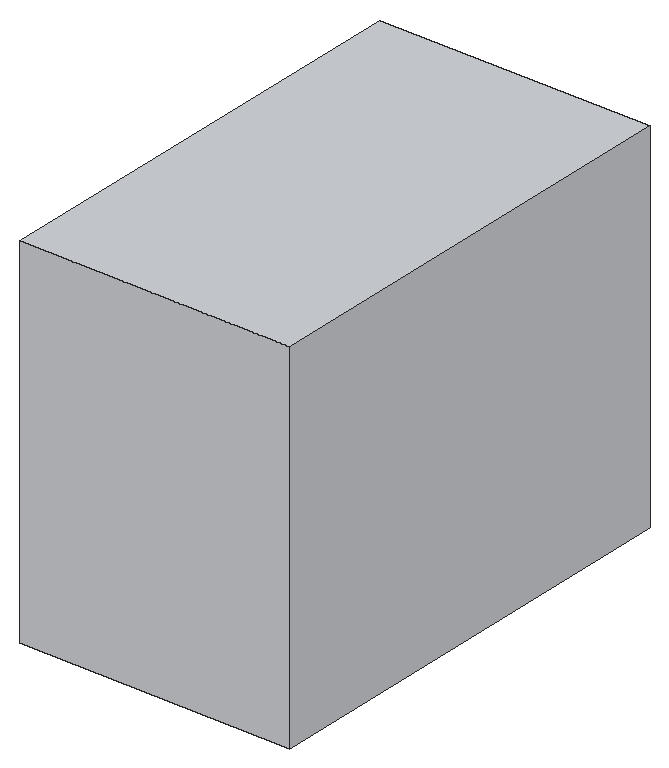
Revit family "XXX_RLT-Gerät_Jalousiekammer links", category HLS-Bauteile, Revit 2014
Parameters (values of type "Allgemein")
  Breite = 500 mm
  Symbolbreite [instance] = if(Höhe < Breite, Höhe / 32, Breite / 32)  # 12.5 mm
  Druckverlust [instance] = 0.00 in-wg
  Länge = 300 mm
  Höhe = 400 mm
  Widerstandsbeiwert [instance] = 0
Reference planes
  plane 1 "Mitte (Vorne/Hinten)": y = 0
  plane 2: z = 0
  plane 3 "Mitte (Links/Rechts)": x = 0
  plane 4: y = 250
  plane 5: y = -250
  plane 6: x = -150
  plane 7: x = 150
  plane 8: z = 200
  plane 9: z = -200
  plane 10: x = -145
  plane 11: x = 145
  plane 12: y = -187.5
  plane 13: y = -62.5
  plane 14: y = 62.5
  plane 15: y = 187.5
  plane 16: z = 150
  plane 17: z = 100
  plane 18: z = -100
  plane 19: z = -150
  plane 20: x = -96.667
  plane 21: x = 96.667
  plane 22: z = 50
  plane 23: z = -50
  plane 24: x = -48.333
  plane 25: x = 48.333
  plane 26: y = 125
  plane 27: y = -125
Forms (mm)
  Extrusion 1, solid, detail levels medium+fine
    sketch origin (-150, 397.271, 1219.2) x (0, 1, 0) y (0, 0, 1)
      loop
        line (-147.271, -1019.2) -> (-647.271, -1019.2) -> (-647.271, -1419.2) -> (-147.271, -1419.2) -> (-147.271, -1019.2)
    from 0 to 300
Lines and regions (mm)
  model lines, detail levels coarse
    curve 1: line (-150, 250, 0) -> (150, 250, 0)
    curve 2: line (-150, -250, 0) -> (-150, 250, 0)
    curve 3: line (150, -250, 0) -> (-150, -250, 0)
    curve 4: line (150, 250, 0) -> (150, -250, 0)
    curve 5: line (-150, 0, 200) -> (150, 0, 200)
    curve 6: line (-150, 0, -200) -> (-150, 0, 200)
    curve 7: line (150, 0, -200) -> (-150, 0, -200)
    curve 8: line (150, 0, 200) -> (150, 0, -200)
    curve 9: line (0, 250, 200) -> (0, -250, 200)
    curve 10: line (0, 250, -200) -> (0, 250, 200)
    curve 11: line (0, -250, -200) -> (0, 250, -200)
    curve 12: line (0, -250, 200) -> (0, -250, -200)
    curve 13: line (-145, 250, 0) -> (145, 250, 0)
    curve 14: line (145, -250, 0) -> (-145, -250, 0)
    curve 63: circle (-96.667, 0, 150) r 12.5 normal (0, -1, 0)
    curve 64: line (-48.333, 0, 200) -> (-87.979, 0, 158.987)
    curve 65: line (-145, 0, 100) -> (-105.354, 0, 141.013)
    curve 66: circle (-96.667, 0, 50) r 12.5 normal (0, -1, 0)
    curve 67: line (-48.333, 0, 100) -> (-87.979, 0, 58.987)
    curve 68: line (-145, 0, 0) -> (-105.354, 0, 41.013)
    curve 69: circle (-96.667, 0, -50) r 12.5 normal (0, -1, 0)
    curve 70: line (-48.333, 0, 0) -> (-87.979, 0, -41.013)
    curve 71: line (-145, 0, -100) -> (-105.354, 0, -58.987)
    curve 72: circle (-96.667, 0, -150) r 12.5 normal (0, -1, 0)
    curve 73: line (-48.333, 0, -100) -> (-87.979, 0, -141.013)
    curve 74: line (-145, 0, -200) -> (-105.354, 0, -158.987)
    curve 83: circle (-96.667, 187.5, 0) r 12.5 normal (0, 0, 1)
    curve 84: line (-48.333, 250, 0) -> (-89.02, 197.388, 0)
    curve 85: line (-145, 125, 0) -> (-104.314, 177.612, 0)
    curve 86: circle (-96.667, 62.5, 0) r 12.5 normal (0, 0, 1)
    curve 87: line (-48.333, 125, 0) -> (-89.02, 72.388, 0)
    curve 88: line (-145, 0, 0) -> (-104.314, 52.612, 0)
    curve 89: circle (-96.667, -62.5, 0) r 12.5 normal (0, 0, 1)
    curve 90: line (-48.333, 0, 0) -> (-89.02, -52.612, 0)
    curve 91: line (-145, -125, 0) -> (-104.314, -72.388, 0)
    curve 92: circle (-96.667, -187.5, 0) r 12.5 normal (0, 0, 1)
    curve 93: line (-48.333, -125, 0) -> (-89.02, -177.612, 0)
    curve 94: line (-145, -250, 0) -> (-104.314, -197.388, 0)
  reference lines
    curve 15: line (-48.333, -250, 200) -> (-145, -250, 100)
    curve 16: line (-48.333, -250, 100) -> (-145, -250, 0)
    curve 17: line (-48.333, -250, 0) -> (-145, -250, -100)
    curve 18: line (-48.333, -250, -100) -> (-145, -250, -200)
    curve 27: line (-48.333, 250, 200) -> (-145, 250, 100)
    curve 28: line (-48.333, 250, 100) -> (-145, 250, 0)
    curve 29: line (-48.333, 250, 0) -> (-145, 250, -100)
    curve 30: line (-48.333, 250, -100) -> (-145, 250, -200)
    curve 43: line (-48.333, 250, 200) -> (-145, 125, 200)
    curve 44: line (-48.333, 125, 200) -> (-145, 0, 200)
    curve 45: line (-48.333, 0, 200) -> (-145, -125, 200)
    curve 46: line (-48.333, -125, 200) -> (-145, -250, 200)
    curve 59: line (-48.333, 0, 200) -> (-145, 0, 100)
    curve 60: line (-48.333, 0, 100) -> (-145, 0, 0)
    curve 61: line (-48.333, 0, 0) -> (-145, 0, -100)
    curve 62: line (-48.333, 0, -100) -> (-145, 0, -200)
    curve 79: line (-48.333, 250, 0) -> (-145, 125, 0)
    curve 80: line (-48.333, 125, 0) -> (-145, 0, 0)
    curve 81: line (-48.333, 0, 0) -> (-145, -125, 0)
    curve 82: line (-48.333, -125, 0) -> (-145, -250, 0)
  model lines, detail levels medium+fine
    curve 19: line (-48.333, -250, 200) -> (-87.979, -250, 158.987)
    curve 20: line (-145, -250, 100) -> (-105.354, -250, 141.013)
    curve 21: line (-48.333, -250, 100) -> (-87.979, -250, 58.987)
    curve 22: line (-145, -250, 0) -> (-105.354, -250, 41.013)
    curve 23: line (-48.333, -250, 0) -> (-87.979, -250, -41.013)
    curve 24: line (-145, -250, -100) -> (-105.354, -250, -58.987)
    curve 25: line (-145, -250, -200) -> (-105.354, -250, -158.987)
    curve 26: line (-48.333, -250, -100) -> (-87.979, -250, -141.013)
    curve 31: line (-48.333, 250, 200) -> (-87.979, 250, 158.987)
    curve 32: line (-105.354, 250, 141.013) -> (-145, 250, 100)
    curve 33: line (-48.333, 250, 100) -> (-87.979, 250, 58.987)
    curve 34: line (-105.354, 250, 41.013) -> (-145, 250, 0)
    curve 35: line (-48.333, 250, 0) -> (-87.979, 250, -41.013)
    curve 36: line (-105.354, 250, -58.987) -> (-145, 250, -100)
    curve 37: line (-48.333, 250, -100) -> (-87.979, 250, -141.013)
    curve 38: line (-105.354, 250, -158.987) -> (-145, 250, -200)
    curve 39: circle (-96.667, 250, 150) r 12.5 normal (0, 1, 0)
    curve 40: circle (-96.667, 250, 50) r 12.5 normal (0, 1, 0)
    curve 41: circle (-96.667, 250, -50) r 12.5 normal (0, 1, 0)
    curve 42: circle (-96.667, 250, -150) r 12.5 normal (0, 1, 0)
    curve 47: circle (-96.667, 187.5, 200) r 12.5 normal (0, 0, 1)
    curve 48: line (-48.333, 250, 200) -> (-89.02, 197.388, 200)
    curve 49: line (-145, 125, 200) -> (-104.314, 177.612, 200)
    curve 50: circle (-96.667, 62.5, 200) r 12.5 normal (0, 0, 1)
    curve 51: line (-48.333, 125, 200) -> (-89.02, 72.388, 200)
    curve 52: line (-145, 0, 200) -> (-104.314, 52.612, 200)
    curve 53: circle (-96.667, -62.5, 200) r 12.5 normal (0, 0, 1)
    curve 54: line (-48.333, 0, 200) -> (-89.02, -52.612, 200)
    curve 55: line (-145, -125, 200) -> (-104.314, -72.388, 200)
    curve 56: circle (-96.667, -187.5, 200) r 12.5 normal (0, 0, 1)
    curve 57: line (-48.333, -125, 200) -> (-89.02, -177.612, 200)
    curve 58: line (-145, -250, 200) -> (-104.314, -197.388, 200)
    curve 75: circle (-96.667, -250, 150) r 12.5 normal (0, -1, 0)
    curve 76: circle (-96.667, -250, 50) r 12.5 normal (0, -1, 0)
    curve 77: circle (-96.667, -250, -50) r 12.5 normal (0, -1, 0)
    curve 78: circle (-96.667, -250, -150) r 12.5 normal (0, -1, 0)
Dimensions and locks
  equal spacing: plane 6, plane 3 "Mitte (Links/Rechts)", plane 7
  "Länge": plane 6 to plane 7
  equal spacing: plane 8, plane 16, plane 17, plane 22, level, plane 23, plane 18, plane 19, plane 9
  "Höhe": plane 8 to plane 9
  "Breite": plane 5 to plane 4
  locked: plane 6 to plane 10 at 5
  locked: plane 11 to plane 7 at 5
  equal spacing: plane 4, plane 15, plane 26, plane 14, plane 1 "Mitte (Vorne/Hinten)", plane 13, plane 27, plane 12, plane 5
  equal spacing: plane 10, plane 20, plane 24, plane 3 "Mitte (Links/Rechts)", plane 25, plane 21
  locked: curve 63 to plane 20
  locked: curve 63 to plane 16
  locked: plane 20 to curve 66
  locked: plane 22 to curve 66
  locked: plane 20 to curve 69
  locked: plane 23 to curve 69
  locked: plane 20 to curve 72
  locked: plane 19 to curve 72
  locked: plane 20 to curve 75 at 0
  locked: plane 16 to curve 75 at 0
  locked: plane 20 to curve 76 at 0
  locked: plane 22 to curve 76 at 0
  plane 20 to curve 77 = 0 mm
  locked: plane 23 to curve 77 at 0
  plane 20 to curve 78 = 0 mm
  locked: plane 19 to curve 78 at 0
  locked: plane 16 to curve 39 at 0
  plane 20 to curve 39 = 0 mm
  curve 40 to plane 20 = 0 mm
  curve 40 to plane 22 = 0 mm
  curve 41 to plane 20 = 0 mm
  curve 41 to plane 23 = 0 mm
  curve 42 to plane 20 = 0 mm
  curve 42 to plane 19 = 0 mm
  plane 20 to curve 47 = 0 mm
  curve 47 to plane 15 = 0 mm
  plane 20 to curve 50 = 0 mm
  curve 50 to plane 14 = 0 mm
  curve 53 to plane 20 = 0 mm
  plane 13 to curve 53 = 0 mm
  plane 20 to curve 56 = 0 mm
  curve 56 to plane 12 = 0 mm
  plane 20 to curve 83 = 0 mm
  curve 83 to plane 15 = 0 mm
  plane 20 to curve 86 = 0 mm
  curve 86 to plane 14 = 0 mm
  plane 20 to curve 89 = 0 mm
  plane 13 to curve 89 = 0 mm
  plane 20 to curve 92 = 0 mm
  curve 92 to plane 12 = 0 mm
  "Symbolbreite": radius of curve 39
  "Symbolbreite": radius of curve 40
  "Symbolbreite": radius of curve 41
  "Symbolbreite": radius of curve 42
  "Symbolbreite": radius of curve 47
  "Symbolbreite": radius of curve 50
  "Symbolbreite": radius of curve 53
  "Symbolbreite": radius of curve 56
  "Symbolbreite": radius of curve 63
  "Symbolbreite": radius of curve 66
  "Symbolbreite": radius of curve 69
  "Symbolbreite": radius of curve 72
  "Symbolbreite": radius of curve 75
  "Symbolbreite": radius of curve 76
  "Symbolbreite": radius of curve 77
  "Symbolbreite": radius of curve 78
  "Symbolbreite": radius of curve 83
  "Symbolbreite": radius of curve 86
  "Symbolbreite": radius of curve 89
  "Symbolbreite": radius of curve 92
  aligned and locked: plane 2 to level
  aligned and locked: plane 7 to Extrusion 1
  aligned and locked: Extrusion 1 to plane 6
  aligned and locked: plane 8 to Extrusion 1
  aligned and locked: plane 9 to Extrusion 1
  aligned and locked: plane 5 to Extrusion 1
  aligned and locked: plane 4 to Extrusion 1
  aligned and locked: curve 2 to Extrusion 1
  aligned and locked: curve 4 to Extrusion 1
  aligned and locked: curve 5 to Extrusion 1
  aligned and locked: curve 6 to Extrusion 1
  aligned and locked: curve 7 to Extrusion 1
  aligned and locked: curve 8 to Extrusion 1
  aligned and locked: curve 9 to Extrusion 1
  aligned and locked: curve 10 to Extrusion 1
  aligned and locked: curve 11 to Extrusion 1
  aligned and locked: curve 12 to Extrusion 1
  aligned and locked: curve 13 to plane 4
  aligned and locked: curve 14 to plane 5
  aligned and locked: plane 24 to curve 15
  aligned and locked: plane 8 to curve 15
  aligned and locked: plane 10 to curve 15
  aligned and locked: plane 17 to curve 15
  aligned and locked: plane 24 to curve 16
  aligned and locked: plane 17 to curve 16
  aligned and locked: level to curve 16
  aligned and locked: plane 10 to curve 16
  aligned and locked: level to curve 17
  aligned and locked: plane 10 to curve 17
  aligned and locked: plane 24 to curve 17
  aligned and locked: plane 18 to curve 17
  aligned and locked: plane 18 to curve 18
  aligned and locked: plane 9 to curve 18
  aligned and locked: plane 24 to curve 18
  aligned and locked: plane 10 to curve 18
  aligned and locked: curve 19 to curve 15
  aligned and locked: curve 20 to curve 15
  aligned and locked: curve 21 to curve 16
  aligned and locked: curve 22 to curve 16
  aligned and locked: curve 23 to curve 17
  aligned and locked: curve 24 to curve 17
  aligned and locked: curve 25 to curve 18
  aligned and locked: curve 26 to curve 18
  aligned and locked: curve 31 to curve 27
  aligned and locked: curve 27 to curve 32
  aligned and locked: curve 33 to curve 28
  aligned and locked: curve 28 to curve 34
  aligned and locked: curve 35 to curve 29
  aligned and locked: curve 29 to curve 36
  aligned and locked: curve 37 to curve 30
  aligned and locked: curve 30 to curve 38
  aligned and locked: plane 8 to curve 27
  aligned and locked: plane 24 to curve 27
  aligned and locked: plane 17 to curve 27
  aligned and locked: plane 10 to curve 27
  aligned and locked: level to curve 28
  aligned and locked: plane 10 to curve 28
  aligned and locked: plane 17 to curve 28
  aligned and locked: plane 24 to curve 28
  aligned and locked: plane 24 to curve 29
  aligned and locked: level to curve 29
  aligned and locked: plane 10 to curve 30
  aligned and locked: plane 9 to curve 30
  aligned and locked: plane 24 to curve 30
  aligned and locked: plane 18 to curve 30
  aligned and locked: plane 4 to curve 43
  aligned and locked: plane 26 to curve 43
  aligned and locked: plane 26 to curve 44
  aligned and locked: plane 1 "Mitte (Vorne/Hinten)" to curve 44
  aligned and locked: plane 1 "Mitte (Vorne/Hinten)" to curve 45
  aligned and locked: plane 27 to curve 45
  aligned and locked: plane 27 to curve 46
  aligned and locked: plane 5 to curve 46
  aligned and locked: plane 24 to curve 43
  aligned and locked: plane 10 to curve 43
  aligned and locked: plane 10 to curve 44
  aligned and locked: plane 24 to curve 44
  aligned and locked: plane 24 to curve 45
  aligned and locked: plane 10 to curve 45
  aligned and locked: plane 24 to curve 46
  aligned and locked: plane 10 to curve 46
  aligned and locked: curve 48 to curve 43
  aligned and locked: curve 49 to curve 43
  aligned and locked: curve 51 to curve 44
  aligned and locked: curve 52 to curve 44
  aligned and locked: curve 54 to curve 45
  aligned and locked: curve 55 to curve 45
  aligned and locked: curve 57 to curve 46
  aligned and locked: curve 58 to curve 46
  aligned and locked: plane 8 to curve 59
  aligned and locked: plane 10 to curve 59
  aligned and locked: plane 24 to curve 60
  aligned and locked: plane 10 to curve 60
  aligned and locked: plane 24 to curve 61
  aligned and locked: plane 10 to curve 61
  aligned and locked: plane 24 to curve 62
  aligned and locked: plane 9 to curve 62
  aligned and locked: plane 24 to curve 59
  aligned and locked: plane 17 to curve 59
  aligned and locked: plane 17 to curve 60
  aligned and locked: level to curve 60
  aligned and locked: level to curve 61
  aligned and locked: plane 18 to curve 61
  aligned and locked: plane 18 to curve 62
  aligned and locked: plane 10 to curve 62
  aligned and locked: curve 64 to curve 59
  aligned and locked: curve 65 to curve 59
  aligned and locked: curve 67 to curve 60
  aligned and locked: curve 68 to curve 60
  aligned and locked: curve 70 to curve 61
  aligned and locked: curve 71 to curve 61
  aligned and locked: curve 73 to curve 62
  aligned and locked: curve 74 to curve 62
  aligned and locked: plane 24 to curve 79
  aligned and locked: plane 10 to curve 79
  aligned and locked: plane 24 to curve 80
  aligned and locked: plane 10 to curve 80
  aligned and locked: plane 1 "Mitte (Vorne/Hinten)" to curve 81
  aligned and locked: plane 27 to curve 81
  aligned and locked: plane 27 to curve 82
  aligned and locked: plane 10 to curve 82
  aligned and locked: plane 4 to curve 79
  aligned and locked: plane 26 to curve 79
  aligned and locked: plane 26 to curve 80
  aligned and locked: plane 1 "Mitte (Vorne/Hinten)" to curve 80
  aligned and locked: plane 24 to curve 81
  aligned and locked: plane 10 to curve 81
  aligned and locked: plane 24 to curve 82
  aligned and locked: plane 5 to curve 82
  aligned and locked: curve 85 to curve 79
  aligned and locked: curve 84 to curve 79
  aligned and locked: curve 87 to curve 80
  aligned and locked: curve 88 to curve 80
  aligned and locked: curve 90 to curve 81
  aligned and locked: curve 91 to curve 81
  aligned and locked: curve 93 to curve 82
  aligned and locked: curve 94 to curve 82
  aligned and locked: plane 10 to curve 55
  aligned and locked: plane 24 to curve 54
Automatic sketch dimensions
  Extrusion 1 sketch curve to plane 5 = 0 mm
  Extrusion 1 sketch curve to plane 4 = 0 mm
  plane 9 to Extrusion 1 sketch curve = 0 mm
  Extrusion 1 sketch curve to plane 8 = 0 mm
  plane 5 to curve 3 = 0 mm
  curve 4 to plane 4 = 0 mm
  curve 14 to plane 11 = 0 mm
  curve 13 to plane 10 = 0 mm
  curve 13 to plane 11 = 0 mm
  curve 14 to plane 10 = 0 mm
  curve 29 to plane 10 = 0 mm
  curve 29 to plane 18 = 0 mm
  curve 19 to curve 15 = 0 mm
  curve 20 to curve 15 = 0 mm
  curve 21 to curve 16 = 0 mm
  curve 22 to curve 16 = 0 mm
  curve 23 to curve 17 = 0 mm
  curve 17 to curve 24 = 0 mm
  curve 24 to curve 17 = 0 mm
  curve 26 to curve 18 = 0 mm
  curve 25 to curve 18 = 0 mm
  curve 31 to curve 27 = 0 mm
  curve 32 to curve 27 = 0 mm
  curve 33 to curve 28 = 0 mm
  curve 34 to curve 28 = 0 mm
  curve 35 to curve 29 = 0 mm
  curve 36 to curve 29 = 0 mm
  curve 37 to curve 30 = 0 mm
  curve 38 to curve 30 = 0 mm
  curve 48 to curve 43 = 0 mm
  curve 49 to curve 43 = 0 mm
  curve 51 to curve 44 = 0 mm
  curve 52 to curve 44 = 0 mm
  curve 57 to curve 46 = 0 mm
  curve 58 to curve 46 = 0 mm
  curve 64 to curve 59 = 0 mm
  curve 65 to curve 59 = 0 mm
  curve 67 to curve 60 = 0 mm
  curve 60 to curve 68 = 0 mm
  curve 68 to curve 60 = 0 mm
  curve 70 to curve 61 = 0 mm
  curve 71 to curve 61 = 0 mm
  curve 73 to curve 62 = 0 mm
  curve 74 to curve 62 = 0 mm
  curve 84 to curve 79 = 0 mm
  curve 85 to curve 79 = 0 mm
  curve 87 to curve 80 = 0 mm
  curve 88 to curve 80 = 0 mm
  curve 90 to curve 81 = 0 mm
  curve 91 to curve 81 = 0 mm
  curve 93 to curve 82 = 0 mm
  curve 94 to curve 82 = 0 mm
Connectors
  hvac at (-150, 0, 0), driven by "Widerstandsbeiwert", driven by "Breite", driven by "Höhe"
    settings: on Extrusion 1, index 1, duct flow 0 CFM, flow factor 0, pres drop 0.00 in-wg, loss coef 0, conn angle 0.00°, conn width 500 mm, conn height 400 mm, conn diameter 609.6 mm, duct sys type 29, conn prof type 1, flow config 0, flow direction 0, loss method 6, conn ref index 2, conn util no, is conn primary yes, conn desc ""
  hvac at (150, 0, 0), driven by "Widerstandsbeiwert", driven by "Breite", driven by "Höhe"
    settings: on Extrusion 1, index 2, duct flow 0 CFM, flow factor 0, pres drop 0.00 in-wg, loss coef 0, conn angle 0.00°, conn width 500 mm, conn height 400 mm, conn diameter 609.6 mm, duct sys type 29, conn prof type 1, flow config 0, flow direction 0, loss method 0, conn ref index 1, conn util no, is conn primary no, conn desc ""
